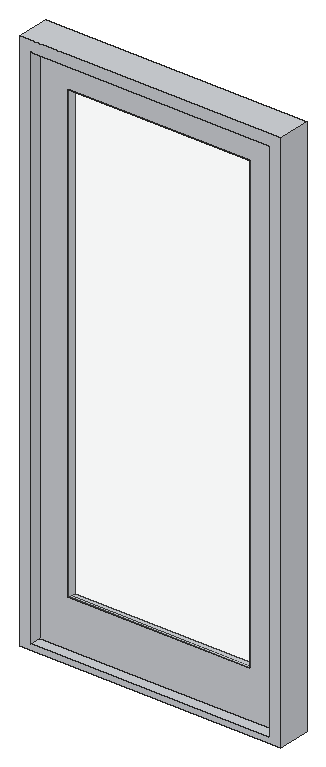
Revit family "PHLS Door", category Doors, host Wall, Revit 2018 (continued)
Definition of nested family "oReveal Right Side Text - Elevation"
  Lines and regions (mm)
    Filled region 9, type "Solid Fill - Blue", in view "Ref. Level"
      outline origin (197.496, 45, 0) x (1, 0, 0) y (0, 1, 0)
        loop
          spline (-176.731, -33.81) -> (-177.048, -30.756) -> (-176.568, -27.729) -> (-175.862, -24.428) -> (-175.296, -21.761) -> (-175.209, -19.472) -> (-176.174, -17.323) -> (-178.088, -15.946) -> (-180.408, -15.324) -> (-183.076, -15.244) -> (-185.871, -15.924) -> (-188.445, -17.662) -> (-190.254, -20.766)
          line (-190.254, -20.766) -> (-187.177, -21.036)
          spline (-187.177, -21.036) -> (-186.217, -19.367) -> (-185.166, -18.49) -> (-184.123, -18.053) -> (-183.14, -17.828) -> (-182.213, -17.753) -> (-181.329, -17.788) -> (-180.488, -17.931) -> (-179.696, -18.205) -> (-178.989, -18.646) -> (-178.457, -19.328) -> (-178.242, -20.429) -> (-178.61, -22.434)
          spline (-178.61, -22.434) -> (-182.106, -22.969) -> (-185.94, -23.268) -> (-188.411, -23.836) -> (-190.183, -24.81) -> (-191.466, -26.329) -> (-192.072, -28.375) -> (-191.785, -30.63) -> (-190.666, -32.589) -> (-188.815, -33.834) -> (-186.625, -34.269) -> (-184.308, -33.979) -> (-180.197, -31.547)
          line (-180.197, -31.547) -> (-179.837, -33.81) -> (-176.731, -33.81)
        loop
          arc (-179.062, -24.59) -> (-179.61, -24.797) -> (-180.176, -24.947) r 5.632
          spline (-180.176, -24.947) -> (-183.054, -25.289) -> (-185.569, -25.599) -> (-187.565, -26.26) -> (-188.711, -27.474) -> (-189.006, -29.249) -> (-188.323, -30.798) -> (-186.742, -31.691) -> (-184.734, -31.772) -> (-182.898, -31.193) -> (-181.336, -30.093) -> (-180.13, -28.385) -> (-179.062, -24.59)
    Filled region 10, type "Solid Fill - Blue", in view "Ref. Level"
      outline origin (212.589, 45, 0) x (1, 0, 0) y (0, 1, 0)
        loop
          line (-188.472, -33.793) -> (-185.362, -33.793) -> (-180.225, -8.762) -> (-183.335, -8.762) -> (-188.472, -33.793)
    Filled region 11, type "Solid Fill - Blue", in view "Ref. Level"
      outline origin (374.336, 45, 0) x (1, 0, 0) y (0, 1, 0)
        loop
          line (-188.129, -25.472) -> (-174.751, -25.472)
          spline (-174.751, -25.472) -> (-175.33, -18.793) -> (-178.232, -15.972) -> (-182.297, -15.286) -> (-185.875, -16.235) -> (-188.923, -19.053) -> (-190.829, -22.908) -> (-191.378, -26.678) -> (-190.398, -30.629) -> (-187.637, -33.408) -> (-183.785, -34.191) -> (-179.629, -32.861) -> (-175.591, -27.915)
          line (-175.591, -27.915) -> (-178.628, -27.65)
          spline (-178.628, -27.65) -> (-179.383, -29.083) -> (-180.181, -30.112) -> (-181.08, -30.842) -> (-182.086, -31.328) -> (-183.191, -31.613) -> (-184.325, -31.69) -> (-185.385, -31.524) -> (-186.294, -31.082) -> (-187.053, -30.342) -> (-187.68, -29.283) -> (-188.105, -27.762) -> (-188.129, -25.472)
        loop
          spline (-177.445, -23.161) -> (-177.526, -21.224) -> (-177.805, -19.993) -> (-178.317, -19.083) -> (-179.061, -18.396) -> (-179.944, -17.928) -> (-180.872, -17.685) -> (-181.802, -17.626) -> (-182.746, -17.748) -> (-183.806, -18.125) -> (-185.057, -18.884) -> (-186.406, -20.407) -> (-187.699, -23.161)
          line (-187.699, -23.161) -> (-177.445, -23.161)
    Filled region 12, type "Solid Fill - Blue", in view "Ref. Level"
      outline origin (363.908, 45, 0) x (1, 0, 0) y (0, 1, 0)
        loop
          line (-189.097, -33.793) -> (-186.143, -33.793) -> (-181.007, -8.762) -> (-183.96, -8.762) -> (-185.992, -18.666)
          spline (-185.992, -18.666) -> (-189.018, -15.645) -> (-191.89, -15.318) -> (-194.745, -16.312) -> (-197.017, -18.256) -> (-198.758, -21.005) -> (-199.707, -23.911) -> (-199.98, -27.227) -> (-199.492, -30.174) -> (-197.974, -32.627) -> (-195.435, -34.052) -> (-192.553, -33.977) -> (-188.596, -31.353)
          line (-188.596, -31.353) -> (-189.097, -33.793)
        loop
          spline (-187.074, -23.939) -> (-187.766, -19.434) -> (-189.652, -17.96) -> (-191.978, -17.855) -> (-193.982, -19.036) -> (-195.419, -21.043) -> (-196.57, -23.675) -> (-197.008, -26.615) -> (-196.558, -29.314) -> (-195.29, -31.127) -> (-193.225, -31.745) -> (-190.995, -31.199) -> (-187.564, -26.326)
          line (-187.564, -26.326) -> (-187.074, -23.939)
    Filled region 13, type "Solid Fill - Blue", in view "Ref. Level"
      outline origin (301.91, 45, 0) x (1, 0, 0) y (0, 1, 0)
        loop
          spline (-188.225, -31.068) -> (-188.142, -32.2) -> (-187.85, -32.743) -> (-187.548, -33.075) -> (-187.215, -33.366) -> (-186.817, -33.641) -> (-186.334, -33.851) -> (-185.8, -33.988) -> (-185.279, -34.07) -> (-184.77, -34.11) -> (-184.203, -34.117) -> (-183.457, -34.057) -> (-182.296, -33.793)
          line (-182.296, -33.793) -> (-181.778, -31.268)
          spline (-181.778, -31.268) -> (-182.615, -31.431) -> (-183.256, -31.506) -> (-183.748, -31.513) -> (-184.131, -31.466) -> (-184.428, -31.371) -> (-184.66, -31.233) -> (-184.832, -31.045) -> (-184.939, -30.798) -> (-184.983, -30.489) -> (-184.981, -30.117) -> (-184.902, -29.552) -> (-184.676, -28.55)
          line (-184.676, -28.55) -> (-182.44, -18.033) -> (-179.466, -18.033) -> (-178.977, -15.651) -> (-181.952, -15.651) -> (-180.595, -9.043) -> (-184.142, -11.174) -> (-185.061, -15.651) -> (-187.516, -15.651) -> (-188.004, -18.033) -> (-185.55, -18.033) -> (-188.225, -31.068)
    Filled region 14, type "Solid Fill - Blue", in view "Ref. Level"
      outline origin (342.757, 45, 0) x (1, 0, 0) y (0, 1, 0)
        loop
          line (-187.046, -33.813) -> (-183.92, -33.813) -> (-180.059, -15.651) -> (-183.186, -15.651) -> (-187.046, -33.813)
        loop
          line (-178.662, -8.76) -> (-181.772, -8.76) -> (-182.479, -12.206) -> (-179.369, -12.206) -> (-178.662, -8.76)
    Filled region 15, type "Solid Fill - Blue", in view "Ref. Level"
      outline origin (325.902, 45, 0) x (1, 0, 0) y (0, 1, 0)
        loop
          spline (-191.902, -25.696) -> (-188.873, -32.573) -> (-184.7, -34.054) -> (-179.1, -33.911) -> (-174.626, -31.632) -> (-172.605, -27.747) -> (-173.701, -23.276) -> (-177.807, -20.444) -> (-183.106, -18.033) -> (-185.511, -14.656) -> (-182.77, -11.452) -> (-177.656, -11.4) -> (-174.053, -16.091)
          line (-174.053, -16.091) -> (-170.823, -15.809)
          spline (-170.823, -15.809) -> (-173.206, -10.35) -> (-177.749, -8.428) -> (-183.329, -8.698) -> (-187.292, -10.915) -> (-188.76, -15.635) -> (-186.187, -19.894) -> (-181.292, -22.401) -> (-176.599, -25.193) -> (-176.643, -29.277) -> (-181.021, -31.416) -> (-186.304, -30.526) -> (-188.603, -25.407)
          line (-188.603, -25.407) -> (-191.902, -25.696)
    Filled region 16, type "Solid Fill - Blue", in view "Ref. Level"
      outline origin (231.047, 45, 0) x (1, 0, 0) y (0, 1, 0)
        loop
          line (-188.472, -33.793) -> (-185.05, -33.793) -> (-182.768, -22.676) -> (-178.749, -22.676)
          spline (-178.749, -22.676) -> (-177.093, -22.836) -> (-175.853, -23.268) -> (-174.945, -23.899) -> (-174.288, -24.657) -> (-173.796, -25.469) -> (-173.389, -26.266) -> (-173.006, -27.05) -> (-172.612, -27.905) -> (-172.172, -28.918) -> (-171.652, -30.178) -> (-171.017, -31.774) -> (-170.235, -33.793)
          line (-170.235, -33.793) -> (-166.55, -33.793)
          spline (-166.55, -33.793) -> (-167.221, -32.11) -> (-167.783, -30.698) -> (-168.262, -29.514) -> (-168.682, -28.512) -> (-169.068, -27.647) -> (-169.446, -26.874) -> (-169.84, -26.149) -> (-170.279, -25.44) -> (-170.789, -24.735) -> (-171.402, -24.023) -> (-172.145, -23.293) -> (-173.048, -22.536)
          spline (-173.048, -22.536) -> (-169.187, -21.607) -> (-167.872, -20.91) -> (-166.626, -19.99) -> (-165.691, -18.809) -> (-165.041, -17.479) -> (-164.64, -16.087) -> (-164.569, -14.41) -> (-164.781, -12.941) -> (-165.311, -11.614) -> (-166.271, -10.347) -> (-167.333, -9.51) -> (-170.221, -8.762)
          line (-170.221, -8.762) -> (-183.335, -8.762) -> (-188.472, -33.793)
        loop
          line (-180.453, -11.396) -> (-182.195, -19.881) -> (-174.048, -19.881)
          spline (-174.048, -19.881) -> (-171.339, -19.39) -> (-170.403, -18.98) -> (-169.624, -18.453) -> (-168.951, -17.766) -> (-168.372, -16.767) -> (-167.965, -15.727) -> (-167.815, -14.787) -> (-167.91, -13.846) -> (-168.186, -12.981) -> (-168.936, -12.084) -> (-169.762, -11.678) -> (-172.089, -11.396)
          line (-172.089, -11.396) -> (-180.453, -11.396)
    Filled region 17, type "Solid Fill - Blue", in view "Ref. Level"
      outline origin (254.228, 45, 0) x (1, 0, 0) y (0, 1, 0)
        loop
          line (-187.046, -33.813) -> (-183.92, -33.813) -> (-180.059, -15.651) -> (-183.186, -15.651) -> (-187.046, -33.813)
        loop
          line (-178.662, -8.76) -> (-181.772, -8.76) -> (-182.479, -12.206) -> (-179.369, -12.206) -> (-178.662, -8.76)
    Filled region 18, type "Solid Fill - Blue", in view "Ref. Level"
      outline origin (273.129, 45, 0) x (1, 0, 0) y (0, 1, 0)
        loop
          line (-180.059, -15.651) -> (-182.873, -15.651) -> (-183.507, -18.631)
          spline (-183.507, -18.631) -> (-187.01, -15.474) -> (-189.921, -15.283) -> (-192.548, -16.16) -> (-194.909, -18.032) -> (-196.766, -20.673) -> (-197.861, -23.651) -> (-198.089, -26.745) -> (-197.453, -29.77) -> (-195.976, -32.014) -> (-193.714, -33.506) -> (-190.414, -33.658) -> (-186.497, -31.375)
          spline (-186.497, -31.375) -> (-187.176, -34.352) -> (-187.597, -35.867) -> (-188.052, -36.823) -> (-188.69, -37.524) -> (-189.569, -38.048) -> (-190.623, -38.384) -> (-191.767, -38.529) -> (-192.924, -38.517) -> (-193.958, -38.361) -> (-194.751, -38.029) -> (-195.45, -37.333) -> (-195.731, -35.767)
          line (-195.731, -35.767) -> (-198.821, -35.466)
          spline (-198.821, -35.466) -> (-198.736, -37.55) -> (-198.091, -39.018) -> (-196.931, -40.043) -> (-195.401, -40.659) -> (-193.776, -40.988) -> (-192.164, -41.084) -> (-190.591, -40.969) -> (-189.102, -40.652) -> (-187.722, -40.101) -> (-186.377, -39.083) -> (-185.025, -37.23) -> (-183.92, -33.813)
          line (-183.92, -33.813) -> (-180.059, -15.651)
        loop
          spline (-191.883, -31.164) -> (-190.589, -31.311) -> (-189.243, -30.995) -> (-187.939, -30.237) -> (-186.765, -29.087) -> (-185.801, -27.626) -> (-185.113, -25.951) -> (-184.747, -24.178) -> (-184.729, -22.427) -> (-185.06, -20.818) -> (-185.717, -19.46) -> (-186.655, -18.445) -> (-187.811, -17.844)
          spline (-187.811, -17.844) -> (-189.106, -17.696) -> (-190.451, -18.012) -> (-191.755, -18.771) -> (-192.93, -19.92) -> (-193.894, -21.382) -> (-194.582, -23.056) -> (-194.948, -24.829) -> (-194.966, -26.58) -> (-194.635, -28.189) -> (-193.978, -29.548) -> (-193.039, -30.562) -> (-191.883, -31.164)
    Filled region 19, type "Solid Fill - Blue", in view "Ref. Level"
      outline origin (280.845, 45, 0) x (1, 0, 0) y (0, 1, 0)
        loop
          line (-187.203, -33.813) -> (-184.076, -33.813) -> (-182.029, -24.183)
          spline (-182.029, -24.183) -> (-181.055, -21.496) -> (-180.114, -19.985) -> (-179.213, -19.156) -> (-178.355, -18.578) -> (-177.493, -18.149) -> (-176.57, -17.875) -> (-175.595, -17.762) -> (-174.69, -17.814) -> (-173.937, -18.051) -> (-173.31, -18.53) -> (-172.9, -19.34) -> (-173.029, -21.034)
          line (-173.029, -21.034) -> (-175.745, -33.813) -> (-172.618, -33.813) -> (-170.184, -22.361)
          spline (-170.184, -22.361) -> (-169.793, -19.618) -> (-169.966, -18.045) -> (-170.478, -17.066) -> (-171.158, -16.393) -> (-171.899, -15.878) -> (-172.776, -15.508) -> (-173.861, -15.299) -> (-175.038, -15.27) -> (-176.173, -15.439) -> (-177.283, -15.818) -> (-178.473, -16.46) -> (-180.15, -17.713)
          line (-180.15, -17.713) -> (-180.789, -18.352) -> (-178.751, -8.76) -> (-181.877, -8.76) -> (-187.203, -33.813)
    Filled region 20, type "Solid Fill - Blue", in view "Ref. Level"
      outline origin (98.855, 44.647, 0) x (1, 0, 0) y (0, 1, 0)
        loop
          spline (-185.95, -31.303) -> (-184.564, -31.411) -> (-183.141, -31.022) -> (-181.777, -30.162) -> (-180.567, -28.889) -> (-179.592, -27.29) -> (-178.919, -25.475) -> (-178.594, -23.566) -> (-178.639, -21.694) -> (-179.051, -19.987) -> (-179.801, -18.56) -> (-180.839, -17.511) -> (-182.095, -16.912)
          spline (-182.095, -16.912) -> (-183.481, -16.803) -> (-184.904, -17.193) -> (-186.268, -18.053) -> (-187.478, -19.326) -> (-188.453, -20.924) -> (-189.126, -22.74) -> (-189.451, -24.649) -> (-189.406, -26.521) -> (-188.994, -28.228) -> (-188.244, -29.655) -> (-187.205, -30.703) -> (-185.95, -31.303)
        loop
          spline (-186.719, -33.512) -> (-184.541, -33.789) -> (-182.328, -33.407) -> (-180.231, -32.391) -> (-178.392, -30.811) -> (-176.936, -28.774) -> (-175.964, -26.418) -> (-175.54, -23.905) -> (-175.695, -21.406) -> (-176.417, -19.092) -> (-177.658, -17.118) -> (-179.332, -15.622) -> (-181.326, -14.703)
          spline (-181.326, -14.703) -> (-183.503, -14.425) -> (-185.717, -14.808) -> (-187.814, -15.823) -> (-189.653, -17.404) -> (-191.109, -19.441) -> (-192.081, -21.797) -> (-192.505, -24.309) -> (-192.35, -26.808) -> (-191.628, -29.123) -> (-190.387, -31.096) -> (-188.713, -32.593) -> (-186.719, -33.512)
Definition of nested family "oReveal Left Side Text - Elevation"
  Reference planes
    plane 1 "Center (Front/Back)": y = 0
    plane 2: z = 0
    plane 3 "Center (Left/Right)": x = 0
  Lines and regions (mm)
    Filled region 1, type "Solid Fill - Blue", in view "Ref. Level"
      outline origin (0, 45, 0) x (1, 0, 0) y (0, 1, 0)
        loop
          line (-188.472, -33.793) -> (-185.05, -33.793) -> (-182.961, -23.613) -> (-175.674, -23.613)
          spline (-175.674, -23.613) -> (-171.33, -22.908) -> (-169.791, -22.309) -> (-168.405, -21.311) -> (-167.201, -20.024) -> (-166.317, -18.518) -> (-165.768, -16.888) -> (-165.579, -15.289) -> (-165.618, -13.63) -> (-166.119, -11.979) -> (-167.07, -10.588) -> (-168.322, -9.573) -> (-171.627, -8.762)
          line (-171.627, -8.762) -> (-183.335, -8.762) -> (-188.472, -33.793)
        loop
          line (-180.453, -11.396) -> (-182.387, -20.819) -> (-175.67, -20.819)
          spline (-175.67, -20.819) -> (-172.662, -20.274) -> (-171.624, -19.818) -> (-170.758, -19.233) -> (-170.01, -18.47) -> (-169.367, -17.36) -> (-168.916, -16.205) -> (-168.749, -15.161) -> (-168.855, -14.116) -> (-169.161, -13.156) -> (-169.994, -12.16) -> (-170.911, -11.709) -> (-173.495, -11.396)
          line (-173.495, -11.396) -> (-180.453, -11.396)
    Filled region 2, type "Solid Fill - Blue", in view "Ref. Level"
      outline origin (23.211, 45, 0) x (1, 0, 0) y (0, 1, 0)
        loop
          line (-188.472, -33.793) -> (-185.05, -33.793) -> (-182.624, -21.973) -> (-169.658, -21.973) -> (-172.083, -33.793) -> (-168.661, -33.793) -> (-163.525, -8.762) -> (-166.947, -8.762) -> (-169.084, -19.178) -> (-182.05, -19.178) -> (-179.913, -8.762) -> (-183.335, -8.762) -> (-188.472, -33.793)
    Filled region 3, type "Solid Fill - Blue", in view "Ref. Level"
      outline origin (48.414, 45, 0) x (1, 0, 0) y (0, 1, 0)
        loop
          line (-188.472, -33.793) -> (-185.05, -33.793) -> (-182.961, -23.613) -> (-175.674, -23.613)
          spline (-175.674, -23.613) -> (-171.33, -22.908) -> (-169.791, -22.309) -> (-168.405, -21.311) -> (-167.201, -20.024) -> (-166.317, -18.518) -> (-165.768, -16.888) -> (-165.579, -15.289) -> (-165.618, -13.63) -> (-166.119, -11.979) -> (-167.07, -10.588) -> (-168.322, -9.573) -> (-171.627, -8.762)
          line (-171.627, -8.762) -> (-183.335, -8.762) -> (-188.472, -33.793)
        loop
          line (-180.453, -11.396) -> (-182.387, -20.819) -> (-175.67, -20.819)
          spline (-175.67, -20.819) -> (-172.662, -20.274) -> (-171.624, -19.818) -> (-170.758, -19.233) -> (-170.01, -18.47) -> (-169.367, -17.36) -> (-168.916, -16.205) -> (-168.749, -15.161) -> (-168.855, -14.116) -> (-169.161, -13.156) -> (-169.994, -12.16) -> (-170.911, -11.709) -> (-173.495, -11.396)
          line (-173.495, -11.396) -> (-180.453, -11.396)
    Filled region 4, type "Solid Fill - Blue", in view "Ref. Level"
      outline origin (71.479, 45, 0) x (1, 0, 0) y (0, 1, 0)
        loop
          line (-188.472, -33.793) -> (-185.05, -33.793) -> (-182.961, -23.613) -> (-175.674, -23.613)
          spline (-175.674, -23.613) -> (-171.33, -22.908) -> (-169.791, -22.309) -> (-168.405, -21.311) -> (-167.201, -20.024) -> (-166.317, -18.518) -> (-165.768, -16.888) -> (-165.579, -15.289) -> (-165.618, -13.63) -> (-166.119, -11.979) -> (-167.07, -10.588) -> (-168.322, -9.573) -> (-171.627, -8.762)
          line (-171.627, -8.762) -> (-183.335, -8.762) -> (-188.472, -33.793)
        loop
          line (-180.453, -11.396) -> (-182.387, -20.819) -> (-175.67, -20.819)
          spline (-175.67, -20.819) -> (-172.662, -20.274) -> (-171.624, -19.818) -> (-170.758, -19.233) -> (-170.01, -18.47) -> (-169.367, -17.36) -> (-168.916, -16.205) -> (-168.749, -15.161) -> (-168.855, -14.116) -> (-169.161, -13.156) -> (-169.994, -12.16) -> (-170.911, -11.709) -> (-173.495, -11.396)
          line (-173.495, -11.396) -> (-180.453, -11.396)
    Filled region 5, type "Solid Fill - Blue", in view "Ref. Level"
      outline origin (123.92, 45, 0) x (1, 0, 0) y (0, 1, 0)
        loop
          line (-188.472, -33.793) -> (-185.05, -33.793) -> (-182.768, -22.676) -> (-178.749, -22.676)
          spline (-178.749, -22.676) -> (-177.093, -22.836) -> (-175.853, -23.268) -> (-174.945, -23.899) -> (-174.288, -24.657) -> (-173.796, -25.469) -> (-173.389, -26.266) -> (-173.006, -27.05) -> (-172.612, -27.905) -> (-172.172, -28.918) -> (-171.652, -30.178) -> (-171.017, -31.774) -> (-170.235, -33.793)
          line (-170.235, -33.793) -> (-166.55, -33.793)
          spline (-166.55, -33.793) -> (-167.221, -32.11) -> (-167.783, -30.698) -> (-168.262, -29.514) -> (-168.682, -28.512) -> (-169.068, -27.647) -> (-169.446, -26.874) -> (-169.84, -26.149) -> (-170.279, -25.44) -> (-170.789, -24.735) -> (-171.402, -24.023) -> (-172.145, -23.293) -> (-173.048, -22.536)
          spline (-173.048, -22.536) -> (-169.187, -21.607) -> (-167.872, -20.91) -> (-166.626, -19.99) -> (-165.691, -18.809) -> (-165.041, -17.479) -> (-164.64, -16.087) -> (-164.569, -14.41) -> (-164.781, -12.941) -> (-165.311, -11.614) -> (-166.271, -10.347) -> (-167.333, -9.51) -> (-170.221, -8.762)
          line (-170.221, -8.762) -> (-183.335, -8.762) -> (-188.472, -33.793)
        loop
          line (-180.453, -11.396) -> (-182.195, -19.881) -> (-174.048, -19.881)
          spline (-174.048, -19.881) -> (-171.339, -19.39) -> (-170.403, -18.98) -> (-169.624, -18.453) -> (-168.951, -17.766) -> (-168.372, -16.767) -> (-167.965, -15.727) -> (-167.815, -14.787) -> (-167.91, -13.846) -> (-168.186, -12.981) -> (-168.936, -12.084) -> (-169.762, -11.678) -> (-172.089, -11.396)
          line (-172.089, -11.396) -> (-180.453, -11.396)
    Filled region 6, type "Solid Fill - Blue", in view "Ref. Level"
      outline origin (152.049, 45, 0) x (1, 0, 0) y (0, 1, 0)
        loop
          line (-188.129, -25.472) -> (-174.751, -25.472)
          spline (-174.751, -25.472) -> (-175.33, -18.793) -> (-178.232, -15.972) -> (-182.297, -15.286) -> (-185.875, -16.235) -> (-188.923, -19.053) -> (-190.829, -22.908) -> (-191.378, -26.678) -> (-190.398, -30.629) -> (-187.637, -33.408) -> (-183.785, -34.191) -> (-179.629, -32.861) -> (-175.591, -27.915)
          line (-175.591, -27.915) -> (-178.628, -27.65)
          spline (-178.628, -27.65) -> (-179.383, -29.083) -> (-180.181, -30.112) -> (-181.08, -30.842) -> (-182.086, -31.328) -> (-183.191, -31.613) -> (-184.325, -31.69) -> (-185.385, -31.524) -> (-186.294, -31.082) -> (-187.053, -30.342) -> (-187.68, -29.283) -> (-188.105, -27.762) -> (-188.129, -25.472)
        loop
          spline (-177.445, -23.161) -> (-177.526, -21.224) -> (-177.805, -19.993) -> (-178.317, -19.083) -> (-179.061, -18.396) -> (-179.944, -17.928) -> (-180.872, -17.685) -> (-181.802, -17.626) -> (-182.746, -17.748) -> (-183.806, -18.125) -> (-185.057, -18.884) -> (-186.406, -20.407) -> (-187.699, -23.161)
          line (-187.699, -23.161) -> (-177.445, -23.161)
    Filled region 7, type "Solid Fill - Blue", in view "Ref. Level"
      outline origin (189.186, 45, 0) x (1, 0, 0) y (0, 1, 0)
        loop
          line (-188.129, -25.472) -> (-174.751, -25.472)
          spline (-174.751, -25.472) -> (-175.33, -18.793) -> (-178.232, -15.972) -> (-182.297, -15.286) -> (-185.875, -16.235) -> (-188.923, -19.053) -> (-190.829, -22.908) -> (-191.378, -26.678) -> (-190.398, -30.629) -> (-187.637, -33.408) -> (-183.785, -34.191) -> (-179.629, -32.861) -> (-175.591, -27.915)
          line (-175.591, -27.915) -> (-178.628, -27.65)
          spline (-178.628, -27.65) -> (-179.383, -29.083) -> (-180.181, -30.112) -> (-181.08, -30.842) -> (-182.086, -31.328) -> (-183.191, -31.613) -> (-184.325, -31.69) -> (-185.385, -31.524) -> (-186.294, -31.082) -> (-187.053, -30.342) -> (-187.68, -29.283) -> (-188.105, -27.762) -> (-188.129, -25.472)
        loop
          spline (-177.445, -23.161) -> (-177.526, -21.224) -> (-177.805, -19.993) -> (-178.317, -19.083) -> (-179.061, -18.396) -> (-179.944, -17.928) -> (-180.872, -17.685) -> (-181.802, -17.626) -> (-182.746, -17.748) -> (-183.806, -18.125) -> (-185.057, -18.884) -> (-186.406, -20.407) -> (-187.699, -23.161)
          line (-187.699, -23.161) -> (-177.445, -23.161)
    Filled region 8, type "Solid Fill - Blue", in view "Ref. Level"
      outline origin (173.693, 45, 0) x (1, 0, 0) y (0, 1, 0)
        loop
          line (-189.88, -33.819) -> (-186.425, -33.819) -> (-175.939, -15.656) -> (-179.19, -15.656) -> (-187.655, -30.927) -> (-189.88, -15.656) -> (-192.832, -15.656) -> (-189.88, -33.819)
    Filled region 9, type "Solid Fill - Blue", in view "Ref. Level"
      outline origin (208.746, 45, 0) x (1, 0, 0) y (0, 1, 0)
        loop
          spline (-176.731, -33.81) -> (-177.048, -30.756) -> (-176.568, -27.729) -> (-175.862, -24.428) -> (-175.296, -21.761) -> (-175.209, -19.472) -> (-176.174, -17.323) -> (-178.088, -15.946) -> (-180.408, -15.324) -> (-183.076, -15.244) -> (-185.871, -15.924) -> (-188.445, -17.662) -> (-190.254, -20.766)
          line (-190.254, -20.766) -> (-187.177, -21.036)
          spline (-187.177, -21.036) -> (-186.217, -19.367) -> (-185.166, -18.49) -> (-184.123, -18.053) -> (-183.14, -17.828) -> (-182.213, -17.753) -> (-181.329, -17.788) -> (-180.488, -17.931) -> (-179.696, -18.205) -> (-178.989, -18.646) -> (-178.457, -19.328) -> (-178.242, -20.429) -> (-178.61, -22.434)
          spline (-178.61, -22.434) -> (-182.106, -22.969) -> (-185.94, -23.268) -> (-188.411, -23.836) -> (-190.183, -24.81) -> (-191.466, -26.329) -> (-192.072, -28.375) -> (-191.785, -30.63) -> (-190.666, -32.589) -> (-188.815, -33.834) -> (-186.625, -34.269) -> (-184.308, -33.979) -> (-180.197, -31.547)
          line (-180.197, -31.547) -> (-179.837, -33.81) -> (-176.731, -33.81)
        loop
          arc (-179.062, -24.59) -> (-179.61, -24.797) -> (-180.176, -24.947) r 5.632
          spline (-180.176, -24.947) -> (-183.054, -25.289) -> (-185.569, -25.599) -> (-187.565, -26.26) -> (-188.711, -27.474) -> (-189.006, -29.249) -> (-188.323, -30.798) -> (-186.742, -31.691) -> (-184.734, -31.772) -> (-182.898, -31.193) -> (-181.336, -30.093) -> (-180.13, -28.385) -> (-179.062, -24.59)
    Filled region 10, type "Solid Fill - Blue", in view "Ref. Level"
      outline origin (223.839, 45, 0) x (1, 0, 0) y (0, 1, 0)
        loop
          line (-188.472, -33.793) -> (-185.362, -33.793) -> (-180.225, -8.762) -> (-183.335, -8.762) -> (-188.472, -33.793)
    Filled region 11, type "Solid Fill - Blue", in view "Ref. Level"
      outline origin (241.995, 45, 0) x (1, 0, 0) y (0, 1, 0)
        loop
          line (-188.472, -33.793) -> (-171.96, -33.793) -> (-171.385, -30.991) -> (-184.475, -30.991) -> (-179.913, -8.762) -> (-183.335, -8.762) -> (-188.472, -33.793)
    Filled region 12, type "Solid Fill - Blue", in view "Ref. Level"
      outline origin (264.491, 45, 0) x (1, 0, 0) y (0, 1, 0)
        loop
          line (-188.129, -25.472) -> (-174.751, -25.472)
          spline (-174.751, -25.472) -> (-175.33, -18.793) -> (-178.232, -15.972) -> (-182.297, -15.286) -> (-185.875, -16.235) -> (-188.923, -19.053) -> (-190.829, -22.908) -> (-191.378, -26.678) -> (-190.398, -30.629) -> (-187.637, -33.408) -> (-183.785, -34.191) -> (-179.629, -32.861) -> (-175.591, -27.915)
          line (-175.591, -27.915) -> (-178.628, -27.65)
          spline (-178.628, -27.65) -> (-179.383, -29.083) -> (-180.181, -30.112) -> (-181.08, -30.842) -> (-182.086, -31.328) -> (-183.191, -31.613) -> (-184.325, -31.69) -> (-185.385, -31.524) -> (-186.294, -31.082) -> (-187.053, -30.342) -> (-187.68, -29.283) -> (-188.105, -27.762) -> (-188.129, -25.472)
        loop
          spline (-177.445, -23.161) -> (-177.526, -21.224) -> (-177.805, -19.993) -> (-178.317, -19.083) -> (-179.061, -18.396) -> (-179.944, -17.928) -> (-180.872, -17.685) -> (-181.802, -17.626) -> (-182.746, -17.748) -> (-183.806, -18.125) -> (-185.057, -18.884) -> (-186.406, -20.407) -> (-187.699, -23.161)
          line (-187.699, -23.161) -> (-177.445, -23.161)
    Filled region 13, type "Solid Fill - Blue", in view "Ref. Level"
      outline origin (363.086, 45, 0) x (1, 0, 0) y (0, 1, 0)
        loop
          line (-188.129, -25.472) -> (-174.751, -25.472)
          spline (-174.751, -25.472) -> (-175.33, -18.793) -> (-178.232, -15.972) -> (-182.297, -15.286) -> (-185.875, -16.235) -> (-188.923, -19.053) -> (-190.829, -22.908) -> (-191.378, -26.678) -> (-190.398, -30.629) -> (-187.637, -33.408) -> (-183.785, -34.191) -> (-179.629, -32.861) -> (-175.591, -27.915)
          line (-175.591, -27.915) -> (-178.628, -27.65)
          spline (-178.628, -27.65) -> (-179.383, -29.083) -> (-180.181, -30.112) -> (-181.08, -30.842) -> (-182.086, -31.328) -> (-183.191, -31.613) -> (-184.325, -31.69) -> (-185.385, -31.524) -> (-186.294, -31.082) -> (-187.053, -30.342) -> (-187.68, -29.283) -> (-188.105, -27.762) -> (-188.129, -25.472)
        loop
          spline (-177.445, -23.161) -> (-177.526, -21.224) -> (-177.805, -19.993) -> (-178.317, -19.083) -> (-179.061, -18.396) -> (-179.944, -17.928) -> (-180.872, -17.685) -> (-181.802, -17.626) -> (-182.746, -17.748) -> (-183.806, -18.125) -> (-185.057, -18.884) -> (-186.406, -20.407) -> (-187.699, -23.161)
          line (-187.699, -23.161) -> (-177.445, -23.161)
    Filled region 14, type "Solid Fill - Blue", in view "Ref. Level"
      outline origin (352.658, 45, 0) x (1, 0, 0) y (0, 1, 0)
        loop
          line (-189.097, -33.793) -> (-186.143, -33.793) -> (-181.007, -8.762) -> (-183.96, -8.762) -> (-185.992, -18.666)
          spline (-185.992, -18.666) -> (-189.018, -15.645) -> (-191.89, -15.318) -> (-194.745, -16.312) -> (-197.017, -18.256) -> (-198.758, -21.005) -> (-199.707, -23.911) -> (-199.98, -27.227) -> (-199.492, -30.174) -> (-197.974, -32.627) -> (-195.435, -34.052) -> (-192.553, -33.977) -> (-188.596, -31.353)
          line (-188.596, -31.353) -> (-189.097, -33.793)
        loop
          spline (-187.074, -23.939) -> (-187.766, -19.434) -> (-189.652, -17.96) -> (-191.978, -17.855) -> (-193.982, -19.036) -> (-195.419, -21.043) -> (-196.57, -23.675) -> (-197.008, -26.615) -> (-196.558, -29.314) -> (-195.29, -31.127) -> (-193.225, -31.745) -> (-190.995, -31.199) -> (-187.564, -26.326)
          line (-187.564, -26.326) -> (-187.074, -23.939)
    Filled region 15, type "Solid Fill - Blue", in view "Ref. Level"
      outline origin (280.66, 45, 0) x (1, 0, 0) y (0, 1, 0)
        loop
          line (-188.472, -33.793) -> (-185.362, -33.793) -> (-182.128, -18.033) -> (-178.684, -18.033) -> (-178.196, -15.651) -> (-181.639, -15.651) -> (-181.13, -13.171)
          spline (-181.13, -13.171) -> (-180.875, -12.394) -> (-180.648, -11.881) -> (-180.425, -11.557) -> (-180.185, -11.35) -> (-179.912, -11.208) -> (-179.604, -11.12) -> (-179.257, -11.078) -> (-178.871, -11.074) -> (-178.428, -11.106) -> (-177.895, -11.181) -> (-177.234, -11.306) -> (-176.412, -11.487)
          line (-176.412, -11.487) -> (-175.837, -8.781)
          spline (-175.837, -8.781) -> (-177.104, -8.532) -> (-178.088, -8.382) -> (-178.945, -8.3) -> (-179.74, -8.286) -> (-180.49, -8.36) -> (-181.202, -8.535) -> (-181.855, -8.805) -> (-182.425, -9.164) -> (-182.908, -9.62) -> (-183.321, -10.204) -> (-183.703, -11.082) -> (-184.151, -12.738)
          line (-184.151, -12.738) -> (-184.748, -15.651) -> (-187.516, -15.651) -> (-188.004, -18.033) -> (-185.237, -18.033) -> (-188.472, -33.793)
    Filled region 16, type "Solid Fill - Blue", in view "Ref. Level"
      outline origin (290.66, 45, 0) x (1, 0, 0) y (0, 1, 0)
        loop
          spline (-188.225, -31.068) -> (-188.142, -32.2) -> (-187.85, -32.743) -> (-187.548, -33.075) -> (-187.215, -33.366) -> (-186.817, -33.641) -> (-186.334, -33.851) -> (-185.8, -33.988) -> (-185.279, -34.07) -> (-184.77, -34.11) -> (-184.203, -34.117) -> (-183.457, -34.057) -> (-182.296, -33.793)
          line (-182.296, -33.793) -> (-181.778, -31.268)
          spline (-181.778, -31.268) -> (-182.615, -31.431) -> (-183.256, -31.506) -> (-183.748, -31.513) -> (-184.131, -31.466) -> (-184.428, -31.371) -> (-184.66, -31.233) -> (-184.832, -31.045) -> (-184.939, -30.798) -> (-184.983, -30.489) -> (-184.981, -30.117) -> (-184.902, -29.552) -> (-184.676, -28.55)
          line (-184.676, -28.55) -> (-182.44, -18.033) -> (-179.466, -18.033) -> (-178.977, -15.651) -> (-181.952, -15.651) -> (-180.595, -9.043) -> (-184.142, -11.174) -> (-185.061, -15.651) -> (-187.516, -15.651) -> (-188.004, -18.033) -> (-185.55, -18.033) -> (-188.225, -31.068)
    Filled region 17, type "Solid Fill - Blue", in view "Ref. Level"
      outline origin (331.507, 45, 0) x (1, 0, 0) y (0, 1, 0)
        loop
          line (-187.046, -33.813) -> (-183.92, -33.813) -> (-180.059, -15.651) -> (-183.186, -15.651) -> (-187.046, -33.813)
        loop
          line (-178.662, -8.76) -> (-181.772, -8.76) -> (-182.479, -12.206) -> (-179.369, -12.206) -> (-178.662, -8.76)
    Filled region 18, type "Solid Fill - Blue", in view "Ref. Level"
      outline origin (314.652, 45, 0) x (1, 0, 0) y (0, 1, 0)
        loop
          spline (-191.902, -25.696) -> (-188.873, -32.573) -> (-184.7, -34.054) -> (-179.1, -33.911) -> (-174.626, -31.632) -> (-172.605, -27.747) -> (-173.701, -23.276) -> (-177.807, -20.444) -> (-183.106, -18.033) -> (-185.511, -14.656) -> (-182.77, -11.452) -> (-177.656, -11.4) -> (-174.053, -16.091)
          line (-174.053, -16.091) -> (-170.823, -15.809)
          spline (-170.823, -15.809) -> (-173.206, -10.35) -> (-177.749, -8.428) -> (-183.329, -8.698) -> (-187.292, -10.915) -> (-188.76, -15.635) -> (-186.187, -19.894) -> (-181.292, -22.401) -> (-176.599, -25.193) -> (-176.643, -29.277) -> (-181.021, -31.416) -> (-186.304, -30.526) -> (-188.603, -25.407)
          line (-188.603, -25.407) -> (-191.902, -25.696)
    Filled region 19, type "Solid Fill - Blue", in view "Ref. Level"
      outline origin (111.643, 44.7, 0) x (1, 0, 0) y (0, 1, 0)
        loop
          spline (-187.2, -31.928) -> (-185.814, -32.036) -> (-184.391, -31.647) -> (-183.027, -30.787) -> (-181.817, -29.514) -> (-180.842, -27.915) -> (-180.169, -26.1) -> (-179.844, -24.191) -> (-179.889, -22.319) -> (-180.301, -20.612) -> (-181.051, -19.185) -> (-182.089, -18.136) -> (-183.345, -17.537)
          spline (-183.345, -17.537) -> (-184.731, -17.428) -> (-186.154, -17.818) -> (-187.518, -18.678) -> (-188.728, -19.951) -> (-189.703, -21.549) -> (-190.376, -23.365) -> (-190.701, -25.274) -> (-190.656, -27.146) -> (-190.244, -28.853) -> (-189.494, -30.28) -> (-188.455, -31.328) -> (-187.2, -31.928)
        loop
          spline (-187.969, -34.137) -> (-185.791, -34.414) -> (-183.578, -34.032) -> (-181.481, -33.016) -> (-179.642, -31.436) -> (-178.186, -29.399) -> (-177.214, -27.043) -> (-176.79, -24.53) -> (-176.945, -22.031) -> (-177.667, -19.717) -> (-178.908, -17.743) -> (-180.582, -16.247) -> (-182.576, -15.328)
          spline (-182.576, -15.328) -> (-184.753, -15.05) -> (-186.967, -15.433) -> (-189.064, -16.448) -> (-190.903, -18.029) -> (-192.359, -20.066) -> (-193.331, -22.422) -> (-193.755, -24.934) -> (-193.6, -27.433) -> (-192.878, -29.748) -> (-191.637, -31.721) -> (-189.963, -33.218) -> (-187.969, -34.137)
